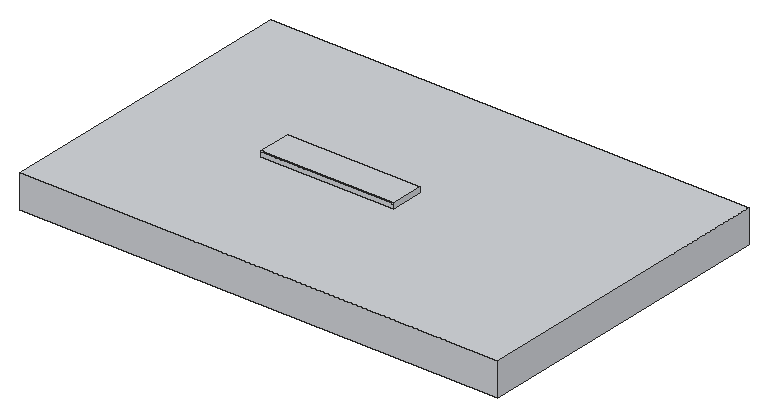
Revit family
Parameters
  Width = 1' - 0"
  URL = "www.coldspringgranite.com"
  TypicalJointSize = 0' - 0 1/4"
  StoneMaterial = none
  SettingSpace = AirGap + Height  # 0' - 2 15/16"
  Product Name = "Stair Tread Stone for Veneered Application - Square Front Edge"
  Product Documentation Link = "http://www.coldspringgranite.com/BIM_Families/Family_Detail/Stair_Tread_Stone_for_Veneered_Application_-_Square_Front_Edge/"
  PhoneNumber = "800-551-7502"
  Notes = ""
  NosingRadius = 0' - 0 1/4"
  Model = "N/A"
  Manufacturer = "Cold Spring Granite Company"
  Low Emitting Material = yes
  Low Emitting Finish = yes
  Location = "17482 Granite West Road, Cold Spring, MN 56320-4578"
  Length = 4' - 0"
  LEED Credit = ""
  Keynote = "096340"
  JointRightOff = no
  JointRight = if(JointRightOff, 0' 0", TypicalJointSize / 2)  # 0' - 0 1/8"
  JointLeftOff = no
  JointLeft = if(JointLeftOff, 0' 0", TypicalJointSize / 2)  # 0' - 0 1/8"
  Height = 0' - 1 15/16"
  Description = "Stone Stair Tread Veneer Square"
  Default Elevation = 0' - 0"
  Assembly Code = "C2010100"
  AirGap = 0' - 1"
  ADA Compliant = yes
Reference planes (in)
  plane 1 "Center (Front/Back)": y = 0
  plane 2: z = 0
  plane 3 "Center (Left/Right)": x = 0
  plane 4 "StoneLeft": x = 0.125
  plane 5 "StoneRight": x = 47.875
  plane 6 "Right": x = 48
  plane 7 "StoneBack": y = 12
  plane 8 "StoneFace": z = 2.9375
  plane 9 "StoneBottom": z = 1
Forms (in)
  Extrusion 1, solid
    sketch origin (0, 0, 0) x (1, 0, 0) y (0, 1, 0)
      loop
        line (-48, 64.5) -> (-48, -48) -> (124.0595, -48) -> (124.0595, 64.5) -> (-48, 64.5)
    from 0 to -12
  Extrusion 2, solid, material <- "StoneMaterial", detail levels medium+fine
    sketch origin (0, 0, 0) x (0, 1, 0) y (0, 0, 1)
      loop
        line (12, 2.9375) -> (0.25, 2.9375)
        arc (0.25, 2.9375) -> (0.07322, 2.86428) -> (0, 2.6875) r 0.25
        line (0, 2.6875) -> (0, 1) -> (12, 1) -> (12, 2.9375)
    from 0.125 to 47.875
  Extrusion 3, solid, material <- "StoneMaterial", detail levels coarse
    sketch origin (0, 0, 0) x (0, 1, 0) y (0, 0, 1)
      loop
        line (12, 2.9375) -> (0, 2.9375) -> (0, 1) -> (12, 1) -> (12, 2.9375)
    from 0 to 48
Lines and regions (in)
  Masking region 1, detail levels coarse
    outline origin (0, 0, 0) x (1, 0, 0) y (0, 1, 0)
      loop
        line (0, 12) -> (0, 0) -> (48, 0) -> (48, 12) -> (0, 12)
  Masking region 2, detail levels medium+fine
    outline origin (0, 0, 0) x (1, 0, 0) y (0, 1, 0)
      loop
        line (0.125, 12) -> (0.125, 0) -> (47.875, 0) -> (47.875, 12) -> (0.125, 12)
  Masking region 3, detail levels coarse
    outline origin (0, 0, 0) x (1, 0, 0) y (0, 0, 1)
      loop
        line (0, 2.9375) -> (0, 1) -> (48, 1) -> (48, 2.9375) -> (0, 2.9375)
  Masking region 4, detail levels medium+fine
    outline origin (0, 0, 0) x (1, 0, 0) y (0, 0, 1)
      loop
        line (0.125, 2.9375) -> (0.125, 1) -> (47.875, 1) -> (47.875, 2.9375) -> (0.125, 2.9375)
  Masking region 5, detail levels coarse
    outline origin (0, 0, 0) x (0, 1, 0) y (0, 0, 1)
      loop
        line (12, 2.9375) -> (0, 2.9375) -> (0, 1) -> (12, 1) -> (12, 2.9375)
  Masking region 6, detail levels medium+fine
    outline origin (0, 0, 0) x (0, 1, 0) y (0, 0, 1)
      loop
        line (12, 1) -> (12, 2.9375) -> (0.25, 2.9375)
        arc (0.25, 2.9375) -> (0.07322, 2.86428) -> (0, 2.6875) r 0.25
        line (0, 2.6875) -> (0, 1) -> (12, 1)
Dimensions and locks (in)
  "Length": plane 3 "Center (Left/Right)" to plane 6 "Right"
  "JointLeft": plane 3 "Center (Left/Right)" to plane 4 "StoneLeft"
  "JointRight": plane 5 "StoneRight" to plane 6 "Right"
  "Width": plane 1 "Center (Front/Back)" to plane 7 "StoneBack"
  "Height": plane 8 "StoneFace" to plane 9 "StoneBottom"
  "SettingSpace": plane 8 "StoneFace" to plane 2
  "NosingRadius": radius of Extrusion 2 sketch curve
  aligned and locked: Extrusion 1 to plane 2
  aligned and locked: level to Extrusion 1
  aligned and locked: Extrusion 2 sketch curve to plane 8 "StoneFace"
  aligned and locked: Extrusion 2 sketch curve to plane 7 "StoneBack"
  aligned and locked: plane 9 "StoneBottom" to Extrusion 2 sketch curve
  aligned and locked: Extrusion 2 sketch curve to plane 1 "Center (Front/Back)"
  aligned and locked: plane 5 "StoneRight" to Extrusion 2
  aligned and locked: Extrusion 2 to plane 4 "StoneLeft"
  aligned and locked: Extrusion 3 sketch curve to plane 8 "StoneFace"
  aligned and locked: Extrusion 3 sketch curve to plane 7 "StoneBack"
  aligned and locked: plane 9 "StoneBottom" to Extrusion 3 sketch curve
  aligned and locked: Extrusion 3 sketch curve to plane 1 "Center (Front/Back)"
  aligned and locked: plane 6 "Right" to Extrusion 3
  aligned and locked: plane 3 "Center (Left/Right)" to Masking region 1 sketch curve
  aligned and locked: Masking region 1 sketch curve to plane 7 "StoneBack"
  aligned and locked: Masking region 1 sketch curve to plane 6 "Right"
  aligned and locked: Masking region 1 sketch curve to plane 1 "Center (Front/Back)"
  aligned and locked: Masking region 2 to plane 4 "StoneLeft"
  aligned and locked: plane 7 "StoneBack" to Masking region 2
  aligned and locked: plane 5 "StoneRight" to Masking region 2
  aligned and locked: plane 1 "Center (Front/Back)" to Masking region 2
  aligned and locked: plane 3 "Center (Left/Right)" to Masking region 3 sketch curve
  aligned and locked: Masking region 3 sketch curve to plane 8 "StoneFace"
  aligned and locked: Masking region 3 sketch curve to plane 6 "Right"
  aligned and locked: plane 9 "StoneBottom" to Masking region 3 sketch curve
  aligned and locked: plane 4 "StoneLeft" to Masking region 4 sketch curve
  aligned and locked: Masking region 4 sketch curve to plane 8 "StoneFace"
  aligned and locked: Masking region 4 sketch curve to plane 5 "StoneRight"
  aligned and locked: plane 9 "StoneBottom" to Masking region 4 sketch curve
  aligned and locked: Masking region 5 sketch curve to plane 8 "StoneFace"
  aligned and locked: Masking region 5 sketch curve to plane 7 "StoneBack"
  aligned and locked: plane 9 "StoneBottom" to Masking region 5 sketch curve
  aligned and locked: Masking region 5 sketch curve to plane 1 "Center (Front/Back)"
  aligned and locked: plane 7 "StoneBack" to Masking region 6 sketch curve
  aligned and locked: plane 9 "StoneBottom" to Masking region 6 sketch curve
  aligned and locked: Masking region 6 sketch curve to Extrusion 2
  aligned and locked: Extrusion 3 to plane 3 "Center (Left/Right)"
Automatic sketch dimensions
  Extrusion 1 sketch curve to Extrusion 1 sketch curve = 14' - 4.0595"
  Extrusion 1 sketch curve to Extrusion 1 sketch curve = 9' - 4 1/2"
  plane 3 "Center (Left/Right)" to Masking region 2 sketch curve = 0' - 0 1/8"
  Masking region 2 sketch curve to plane 6 "Right" = 0' - 0 1/8"
  plane 1 "Center (Front/Back)" to Masking region 2 sketch curve = 0' - 0"
  plane 7 "StoneBack" to Masking region 2 sketch curve = 0' - 0"
Nested families (in)
  nested 1: "CopyRight" at (0, 0, 0), type "CopyRight"
Definition of nested family "CopyRight"
  Parameters (values of type "CopyRight")
    CopyRight = "Cold Spring Granite Company"
  Reference planes (in)
    plane 1: z = 0
